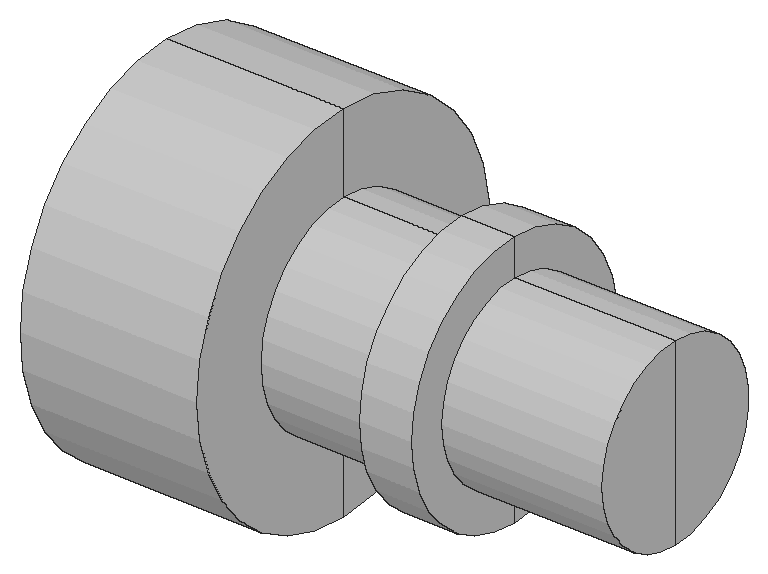
Revit family "6213 01_Heizkörperanschluß mit Konus", category Rohrformteile, Revit 2021
Family settings
  Bemaßung runder Anschluss = Durchmesser verwenden
  Teiletyp = Verbindung
  OmniClass-Nummer = 23.65.55.14
  OmniClass-Titel = Valves for Liquid Services
  Arbeitsebenenbasiert = Nein
  Immer vertikal = Ja
  Beim Laden mit Abzugskörper schneiden = Nein
  Gemeinsam genutzt = Nein
Parameters (values of type "G5/8 x R1/2")
  Vorgabe-Ansicht = 0 mm
  URL = "www.herz-armaturen.at"
  SCRNSEQ = "AWI;AWI_TYP=\"1001\";2"
  SCRNCODE = "07;01;02"  # constant formula
  S02 = 8 mm  # constant formula
  S01 [instance] = GT  # 9 mm
  Nennweite_AG = 15 mm  # constant formula
  Nennweite_IG = 15 mm  # constant formula
  Mutter = "Messing CW614N, vernickelt"  # constant formula
  Max. Betriebstemperatur = 110 °C  # constant formula
  Max. Betriebsdruck = 1000000.0 Pa  # constant formula
  Medium = "Heizungswasser nach ÖNORM H5195 oder VDI- Richtlinie 2035.\r\nDie Verwendung von Ethylen- oder Propyleneglykol in einem Mischungsverhältnis 25- 50% ist zulässig."
  L03 = 17.5 mm  # constant formula
  GT [instance] = 9 mm  # constant formula
  L02 = 13.2 mm  # constant formula
  L01 = 14.5 mm  # constant formula
  L00 = 41.7 mm  # constant formula
  Hersteller = "HERZ Armaturen Ges.m.b.H."  # constant formula
  D04 = 7.5 mm  # constant formula
  Bestellnummer = 1621301  # constant formula
  D03 = 10.5 mm  # constant formula
  D02 = 8.5 mm  # constant formula
  D01 = 7.5 mm  # constant formula
  D00 = 15 mm  # constant formula
  Ausführung = "Heizkörperanschluss für Ventile 3/8\" auf Heizkörpermuffe 1/2\" mit Konus, Mutter und Anschlussstück."
  Anschlussstück = "Messing CW614N, vernickelt"  # constant formula
Reference planes
  plane 1 "Mitte (Vorne/hinten)": y = 0
  plane 2: z = 0
  plane 3 "Mitte (Links/rechts)": x = 0
Forms (mm)
  Revolve 1, solid, material "Messing, vernickelt", detail levels fine
    sketch origin (0, 0, 0) x (1, 0, 0) y (0, 0, 1)
      loop
        line (0, 7.5) -> (9, 7.5) -> (9, 0) -> (41.7, 0) -> (41.7, 7.5) -> (28.5, 7.5) -> (28.5, 10.5) -> (24.2, 10.5) -> (24.2, 8.5) -> (14.5, 8.5) -> (14.5, 15) -> (0, 15) -> (0, 7.5)
      axis (0, 0) -> (41.7, 0)
    angle from 0 to 360
Lines and regions (mm)
  model lines, detail levels coarse+medium
    curve 1: line (0, 0, 0) -> (41.7, 0, 0)
    curve 2: line (9, 0, 15) -> (9, 0, -15)
    curve 3: line (9, 0, -15) -> (17, 0, -15)
    curve 4: line (17, 0, -15) -> (9, 0, 0)
    curve 5: line (9, 0, 15) -> (17, 0, 15)
    curve 6: line (17, 0, 15) -> (9, 0, 0)
    curve 7: line (9, 15, 0) -> (9, -15, 0)
    curve 8: line (9, -15, 0) -> (17, -15, 0)
    curve 9: line (17, -15, 0) -> (9, 0, 0)
    curve 10: line (9, 15, 0) -> (17, 15, 0)
    curve 11: line (17, 15, 0) -> (9, 0, 0)
Dimensions and locks
  "L01": Revolve 1 sketch curve to plane 3 "Mitte (Links/rechts)"
  "L00": Revolve 1 sketch curve to plane 3 "Mitte (Links/rechts)"
  "D00": Revolve 1 sketch curve to plane 2
  "L03": Revolve 1 sketch curve to Revolve 1 sketch curve
  "D01": Revolve 1 sketch curve to plane 2
  "D02": Revolve 1 sketch curve to plane 2
  "D03": Revolve 1 sketch curve to plane 2
  "GT": Revolve 1 sketch curve to plane 3 "Mitte (Links/rechts)"
  "L00": curve 1 to curve 1
  "S01": curve 2 to plane 3 "Mitte (Links/rechts)"
  "S02": curve 2 to curve 6
  "S02": curve 2 to curve 4
  "S01": curve 1 to curve 7
  "S02": curve 7 to curve 11
  "S02": curve 7 to curve 9
  "D00": curve 8 to plane 1 "Mitte (Vorne/hinten)" to curve 10
  "D00": curve 5 to plane 2 to curve 3
  "D04": Revolve 1 sketch curve to plane 2
  "L02": Revolve 1 sketch curve to Revolve 1 sketch curve
  aligned and locked: level to plane 2
Automatic sketch dimensions
  curve 1 to level = 0 mm
  curve 1 to plane 3 "Mitte (Links/rechts)" = 0 mm
  curve 4 to level = 0 mm
  curve 6 to curve 4 = 0 mm
  plane 1 "Mitte (Vorne/hinten)" to curve 9 = 0 mm
  plane 1 "Mitte (Vorne/hinten)" to curve 11 = 0 mm
  Revolve 1 sketch curve to level = 0 mm  (x2)
  Revolve 1 sketch curve to plane 3 "Mitte (Links/rechts)" = 0 mm
  Revolve 1 sketch curve to plane 3 "Mitte (Links/rechts)" = 1506.53 mm
  Revolve 1 sketch curve to Revolve 1 sketch curve = 1792.148 mm
Connectors
  piping at (9, 0, 0), diameter 15, driven by "Nennweite_IG"
    settings: on Revolve 1, index 1, connector inside diameter 609.6 mm, connector length 0 mm, flow factor 0, pipe flow 0.0 L/s, pressure drop 0.0 Pa, fitting loss kfactor 0, connector angle 0.00°, fixture units 0, engagement length 0 mm, angle of deflection 0.00°, flow configuration 0, flow direction 0, fitting loss method 0, system type 29, joint type 0, gender type 0, connector reference index -1, connector utility 0, adjustable connector no, is connector primary yes, connector description ""
  piping at (41.7, 0, 0), diameter 15, driven by "Nennweite_AG"
    settings: on Revolve 1, index 2, connector inside diameter 609.6 mm, connector length 0 mm, flow factor 0, pipe flow 0.0 L/s, pressure drop 0.0 Pa, fitting loss kfactor 0, connector angle 0.00°, fixture units 0, engagement length 0 mm, angle of deflection 0.00°, flow configuration 0, flow direction 0, fitting loss method 0, system type 29, joint type 0, gender type 0, connector reference index -1, connector utility 0, adjustable connector no, is connector primary no, connector description ""
